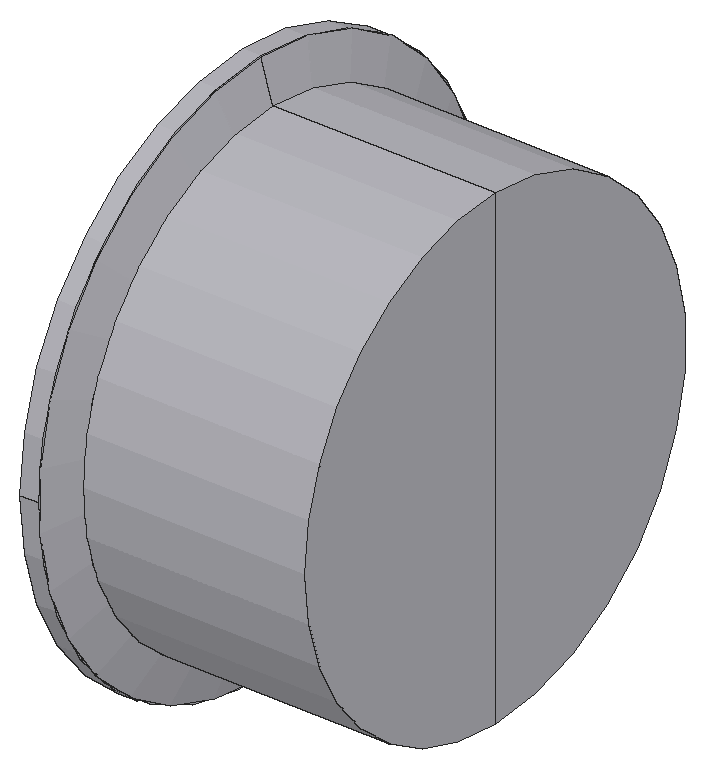
Revit family "14MPW Sanitary Tank Ferrule-304", category Pipe Accessories, Revit 2018
Family settings
  Round Connector Dimension = Use Diameter
  Part Type = Normal
  Work Plane-Based = No
  Always vertical = Yes
  Cut with Voids When Loaded = No
  Shared = No
Parameters (values of type "14MPW Sanitary Tank Ferrule-304")
  void1 [instance] = 0.021"  # constant formula
  pipe radius [instance] = Nominal Diameter / 2  # 2.000"
  Weight [instance] = size_lookup(LookupTable, "Weight", "NA", Nominal Diameter)  # "0.33 lbs."
  URL = "http://www.fnw.com"
  Standards Lookup Table = "Standards"  # constant formula
  R1 [instance] = size_lookup(LookupTable, "R1", 0.000", Nominal Diameter)  # 2.341"
  Product ID [instance] = size_lookup(LookupTable, "ProductID", "NA", Nominal Diameter)  # "4831420"
  Part Number [instance] = size_lookup(LookupTable, "PartNumber", "NA", Nominal Diameter)  # "G14MPW74P"
  Nominal Diameter [instance] = 4"
  LookupTable = "14MPW Sanitary Tank Ferrule-304"  # constant formula
  FT1 [instance] = size_lookup(LookupTable, "FT1", 0.000", Nominal Diameter)  # 0.156"
  Description BOM [instance] = size_lookup(LookupTable, "Description_BOM", "NA", Nominal Diameter)  # "4 304 CLMPXBW HD TANK FERL #7"
  A [instance] = size_lookup(LookupTable, "A", 0.000", Nominal Diameter)  # 2.125"
Reference planes (in)
  plane 1 "Center (Front/Back)": y = 0
  plane 2: z = 0
  plane 3 "Center (Left/Right)": x = 0
  plane 4: z = 2
  plane 5: x = -1.0625
  plane 6: x = 1.0625
  plane 7: z = 2.341
  plane 8: x = -0.9065
Forms (in)
  Extrusion 1, solid, material "Steel, Stainless"
    sketch origin (0, 0, 0) x (0, 1, 0) y (0, 0, 1)
      loop
        circle (0, 0) r 2
      loop
        circle (0, 0) r 2.341
    from -1.0625 to -0.9065
  Revolve 2, solid, material "Steel, Stainless"
    sketch origin (0, 0, 0) x (1, 0, 0) y (0, 0, 1)
      loop
        line (-0.80671, 2) -> (-0.9065, 2.341) -> (-0.9065, 0) -> (1.0625, 0) -> (1.0625, 2) -> (-0.80671, 2)
      axis (1.0625, 0) -> (-0.9065, 0)
    angle from 0 to 360
Text (in)
  text "1/2\" shown" at (2.42436, 0, -2.37906), in view "Front"
Dimensions and locks (in)
  equal spacing: plane 6, plane 3 "Center (Left/Right)", plane 5
  "A": plane 6 to plane 5
  "pipe radius": plane 4 to plane 2
  "R1": plane 7 to plane 2
  "FT1": plane 8 to plane 5
  "pipe radius": radius of Extrusion 1 sketch curve
  "R1": radius of Extrusion 1 sketch curve
  aligned and locked: plane 2 to level
  aligned and locked: Extrusion 1 to plane 5
  aligned and locked: Extrusion 1 to plane 8
  aligned and locked: Extrusion 1 to Revolve 2 sketch curve
  aligned and locked: plane 2 to Revolve 2 sketch curve
  aligned and locked: Revolve 2 sketch curve to plane 6
Automatic sketch dimensions
  Revolve 2 sketch curve to level = 0.000"
  Revolve 2 sketch curve to plane 7 = 0.000"
  Revolve 2 sketch curve to plane 5 = 0.33887"
  plane 8 to Revolve 2 sketch curve = 0.09979"
  plane 8 to Revolve 2 sketch curve = 0.15013"
  Revolve 2 sketch curve to plane 4 = 0.000"
  Extrusion 1 sketch curve to Extrusion 1 sketch curve = 0.000"  (x2)
  Extrusion 1 sketch curve to level = 0.000"
  Extrusion 1 sketch curve to plane 1 "Center (Front/Back)" = 0.000"
Connectors (in)
  piping at (-1.0625, 0, 0), diameter 4, driven by "Nominal Diameter"
    settings: on Extrusion 1, index 1, connector inside diameter 24", connector length 0.000", flow factor 0, pipe flow 0 GPM, pressure drop 0.00 psi, fitting loss kfactor 0, connector angle 0.00°, fixture units 0, engagement length 0.000", angle of deflection 0.00°, flow configuration 0, flow direction 0, fitting loss method 0, system type 16, joint type 0, gender type 0, connector reference index -1, connector utility 0, adjustable connector no, is connector primary yes, connector description ""
  piping at (1.0625, 0, 0), diameter 4, driven by "Nominal Diameter"
    settings: on Revolve 2, index 2, connector inside diameter 24", connector length 0.000", flow factor 0, pipe flow 0 GPM, pressure drop 0.00 psi, fitting loss kfactor 0, connector angle 0.00°, fixture units 0, engagement length 0.000", angle of deflection 0.00°, flow configuration 0, flow direction 0, fitting loss method 0, system type 16, joint type 0, gender type 0, connector reference index -1, connector utility 0, adjustable connector no, is connector primary no, connector description ""
